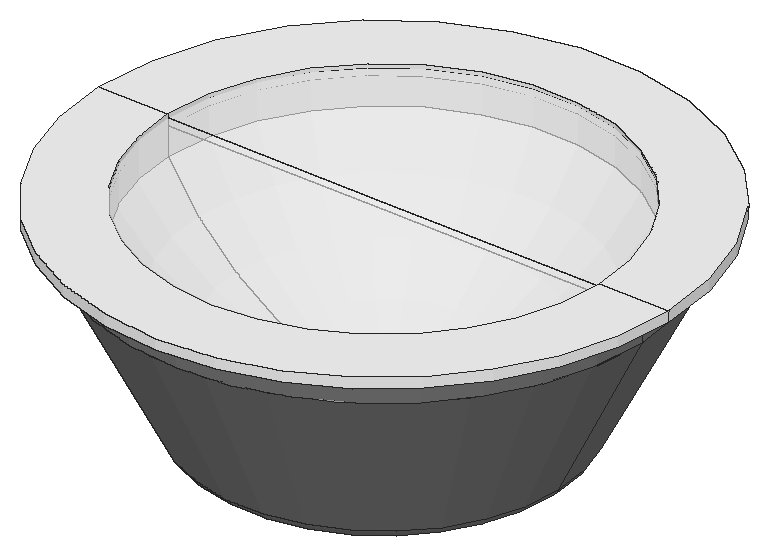
Revit family "30538", category Lighting Fixtures, host Face, Revit 2018
Family settings
  Host = Face
  Round Connector Dimension = Use Diameter
  Part Type = Normal
  OmniClass Number = 23.80.70.00
  OmniClass Title = Lighting
  Cut with Voids When Loaded = No
  Light Source = Yes
  Shared = No
  Room Calculation Point = No
Parameters (values of type "0030538 INSAVER SL U19 IP44 DALI 205 2350LM 830 ")
  WidthBezel_SYL = if(Size1_SYL, 20 mm, if(Size2_SYL, 20 mm, if(Size3PIR_SYL, 30 mm, if(Size4_SYL, 20 mm, 20 mm))))  # 20 mm
  Weight = "n/a"
  Wattage Comments = ""
  Wattage = 12 W
  WarrantyStartDate [instance] = "n/a"
  WarrantyGuarantorParts = "n/a"
  WarrantyDurationUnit = "n/a"
  WarrantyDurationParts = ""
  WarrantyDescription = "http://www.sylvania-lighting.com"
  built-in parameter 1150110 = 1 (stored number, unit not read)
  Voltage = 230 V
  VisibilityPIR_SYL = Size3PIR_SYL  # no
  URL = "0.94"
  TypeName = "Insaver Slim UGR19 IP44 DALI 205 2350lm 830"
  Type Image = <None>
  Type Comments = "n/a"
  built-in parameter 1114217 = 1 (stored number, unit not read)
  Tilt Angle = -90.00°
  built-in parameter 1150109 = 1 (stored number, unit not read)
  built-in parameter 1150134 = (empty or 0)
  built-in parameter 1150113 = 1 (stored number, unit not read)
  Size4_SYL = no
  Size3PIR_SYL = no
  Size2_SYL = no
  Size1_SYL = yes
  SerialNumber [instance] = "n/a"
  RadiusTop_SYL = 6 mm
  RadiusReflector_SYL = if(Size1_SYL, 85 mm, if(Size2_SYL, 85 mm, if(Size3PIR_SYL, 85 mm, if(Size4_SYL, 100 mm, 120 mm))))  # 85 mm
  Photometric Web File = "0030538.IES"
  Material_3_FEILO = Top-Sylvania-STARTDownlight
  PowerFactor = 0.9
  PowerConsumption = "Lighting"
  NominalLength = 165 mm
  NominalHeight = 50 mm
  NominalDepth = 165 mm
  Name = "Insaver Slim UGR19 IP44 DALI 205 2350lm 830"
  ModelReference = Name  # "Insaver Slim UGR19 IP44 DALI 205 2350lm 830"
  ModelNumber = "0030538"
  Model = Name  # "Insaver Slim UGR19 IP44 DALI 205 2350lm 830"
  Material = "Feilo Sylvania"
  ManufacturerName = "118 lm/W"
  Manufacturer = ""
  LuminousEfficacy = ""
  built-in parameter 1150105 = 31.446 (stored number, unit not read)
  Lumens = 395.16 lm
  LuminaireType = "0"
  built-in parameter 1150115 = 1 (stored number, unit not read)
  LightOutputRatio = "LED"
  built-in parameter 1150137 = (empty or 0)
  built-in parameter 1150139 = (empty or 0)
  LampsType = Lamp  # "n/a"
  LampNominalLuminous = "3000 K"
  LampMacAdamStep = "80"
  LampColourTemperature = "LED"
  LampColourRenderingIndex = "16500"
  built-in parameter 1150112 = 1 (stored number, unit not read)
  built-in parameter 1150114 = 1 (stored number, unit not read)
  Lamp = "n/a"
  Keynote = "n/a"
  InstallationDate [instance] = "n/a"
  InputVoltage = "0"
  InputNominalFrequency = "3000"
  built-in parameter 1150132 = (empty or 0)
  built-in parameter 1150102 = (empty or 0)
  built-in parameter 1150107 = 3000 (stored number, unit not read)
  built-in parameter 1150138 = (empty or 0)
  IngressProtection = "IfcLightFixtureType"
  ImpactProtectionIndex = "IfcLightFixtureType"
  built-in parameter 1150106 = 0.31446 (stored number, unit not read)
  IfcExportType = "IfcLightFixtureType"
  IfcExportAs = "Class II"
  Height_SYL = if(Size1_SYL, 61 mm, if(Size2_SYL, 61 mm, if(Size3PIR_SYL, 61 mm, if(Size4_SYL, 61 mm, 60 mm))))  # 61 mm
  HeightBezel_SYL = if(Size1_SYL, 3 mm, if(Size2_SYL, 3 mm, if(Size3PIR_SYL, 3 mm, if(Size4_SYL, 3.2 mm, 3 mm))))  # 3 mm
  ExpectedLife = 50000
  Emit from Circle Diameter = Diameter_SYL - 40 mm  # 125 mm
  Emit Shape Visible in Rendering = no
  ElectricShockClassification = "118"
  built-in parameter 1150104 = 3.0593 (stored number, unit not read)
  DurationUnit = "hours"
  DocumentationLiterature = "http://www.sylvania-lighting.com/product/en-int/products/0030538"
  DimmingControlOptions = "n/a"
  Material_2_FEILO = Diffuser-Sylvania-STARTDownlight
  Dimming Lamp Color Temperature Shift = <None>
  Diameter_SYL = if(Size1_SYL, 165 mm, if(Size2_SYL, 190 mm, if(Size3PIR_SYL, 211 mm, if(Size4_SYL, 220 mm, 240 mm))))  # 165 mm
  DiameterTop_SYL = if(Size1_SYL, 98 mm, if(Size2_SYL, 122 mm, if(Size3PIR_SYL, 120 mm, if(Size4_SYL, 135 mm, 158 mm))))  # 98 mm
  DiameterTopBase_SYL = DiameterRecess_SYL  # 150 mm
  DiameterRecess_SYL = if(Size1_SYL, 150 mm, if(Size2_SYL, 170 mm, if(Size3PIR_SYL, 186 mm, if(Size4_SYL, 200 mm, 225 mm))))  # 150 mm
  Description = "Insaver Slim is a ceiling recessed LED downlight (IP44 from the front),Die-cast aluminium body, loop in loop out connector for quick installation, Dimmable DALI driver of TRIDONIC (LCA 25W 350–1050mA one4all SR PRE 28000671), 20W; 2350lm; 118lm/W; 3000K; UGR <19 with shallow product depth 60mm. Meets TP(a) requirements."
  Default Elevation = 1219.2 mm
  CreatedOn = "05/03/2024"
  CreatedBy = "@sylvania-lighting.com"
  Cost = 0
  Color Filter = 16777215
  built-in parameter 1114216 [instance] = (empty or 0)
  ClassificationValue = "EF_70_80"
  ClassificationName = "Uniclass2015"
  Material_1_FEILO = Trim-Sylvania-STARTDownlight-White
  BarCode [instance] = "n/a"
  built-in parameter 1114218 = 1 (stored number, unit not read)
  built-in parameter 1150133 = 10 (stored number, unit not read)
  AssetType = "Fixed"
  AssetIdentifier [instance] = "n/a"
  Assembly Code = "D5020200"
  Apparent Load = 20 VA
  Material_4_FEILO = LED-Sylvania-STARTDownlight
Reference planes
  plane 1 "Center (Front/Back)": y = 0
  plane 2: z = 0
  plane 3 "Center (Left/Right)": x = 0
  plane 4: x = 82.5
  plane 5: x = -82.5
  plane 6: z = 3
  plane 7: z = -8
  plane 8: z = -58
  plane 9: x = -75
  plane 10: x = 75
  plane 11: x = -49
  plane 12: x = 49
  plane 13: z = -85
  plane 14: x = -62.5
  plane 15: z = 2
  plane 16: z = -46
  plane 17: x = -16
  plane 18: x = -67.5
  plane 19: x = -81.5
  plane 20: x = -99.5
  plane 21: x = -76.5
  plane 22: z = 5.5
  plane 23: z = 8.7
  plane 24: x = -75.5
  plane 25: z = 13.7
Forms (mm)
  Revolve 1, void
    sketch origin (0, 0, 0) x (1, 0, 0) y (0, 0, 1)
      loop
        line (0, 0) -> (-75, 0) -> (-75, -85) -> (0, -85) -> (0, 0)
      axis (0, 0) -> (0, -85)
    angle from 360 to 0
  Revolve 2, solid, material "Trim-Sylvania-STARTDownlight-White" <- "Material_1_FEILO"
    sketch origin (0, 0, 0) x (1, 0, 0) y (0, 0, 1)
      loop
        line (-62.5, 3) -> (-82.5, 3) -> (-82.5, 0) -> (-75, 0) -> (-75, -8) -> (-50.681, -54.768)
        arc (-50.681, -54.768) -> (-48.471, -57.129) -> (-45.357, -58) r 6
        line (-45.357, -58) -> (0, -58) -> (0, -46) -> (-16, -46)
        arc (-16, -46) -> (-42.718, -31.243) -> (-62.5, -8) r 85
        line (-62.5, -8) -> (-62.5, 3)
      axis (0, 3) -> (0, -58)
    angle from 360 to 0
  Revolve 3, solid, material "Diffuser-Sylvania-STARTDownlight" <- "Material_2_FEILO"
    sketch origin (0, 0, 0) x (1, 0, 0) y (0, 0, 1)
      loop
        line (-62.5, 0) -> (0, 0) -> (0, 2) -> (-62.5, 2) -> (-62.5, 0)
      axis (0, 2) -> (0, 0)
    angle from 360 to 0
  Revolve 4, solid, material "Trim-Sylvania-STARTDownlight-White" <- "Material_1_FEILO", visible <- "VisibilityPIR_SYL"
    sketch origin (0, 0, 0) x (1, 0, 0) y (0, 0, 1)
      loop
        line (-67.5, 3) -> (-67.5, 13.7)
        arc (-67.5, 13.7) -> (-72.217, 12.347) -> (-75.5, 8.7) r 8.9
        line (-75.5, 8.7) -> (-75.5, 5.5) -> (-76.5, 5.5) -> (-76.5, 3) -> (-67.5, 3)
      axis (-67.5, 13.7) -> (-67.5, 3)
    angle from 360 to 0
Dimensions and locks
  equal spacing: plane 4, plane 3 "Center (Left/Right)", plane 5
  "Diameter_SYL": plane 4 to plane 5
  equal spacing: plane 10, plane 3 "Center (Left/Right)", plane 9
  equal spacing: plane 12, plane 3 "Center (Left/Right)", plane 11
  "DiameterTop_SYL": plane 12 to plane 11
  "HeightBezel_SYL": plane 6 to plane 2
  "Height_SYL": plane 6 to plane 8
  locked: plane 2 to plane 7 at 8
  locked: plane 2 to plane 13 at 85
  "WidthBezel_SYL": plane 14 to plane 5
  locked: plane 6 to plane 15 at 1
  "DiameterRecess_SYL": plane 10 to plane 9
  locked: plane 3 "Center (Left/Right)" to plane 17 at 16
  locked: plane 16 to plane 8 at 12
  locked: plane 18 to plane 21 at 9
  locked: plane 22 to plane 6 at 2.5
  locked: plane 23 to plane 22 at 3.2
  locked: plane 18 to plane 24 at 8
  locked: plane 25 to plane 23 at 5
  locked: plane 25 to Revolve 4 sketch curve at 8.9
  locked: plane 18 to plane 5 at 15
  "RadiusReflector_SYL": radius of Revolve 2 sketch curve
  "RadiusTop_SYL": radius of Revolve 2 sketch curve
  aligned and locked: plane 2 to host face
  aligned and locked: level to host face
  aligned and locked: Revolve 1 sketch curve to plane 3 "Center (Left/Right)"
  aligned and locked: plane 3 "Center (Left/Right)" to Revolve 1 sketch curve
  aligned and locked: Revolve 1 sketch curve to plane 9
  aligned and locked: plane 13 to Revolve 1 sketch curve
  aligned and locked: plane 3 "Center (Left/Right)" to imposter light
  aligned and locked: imposter light to plane 15
  aligned and locked: imposter light to plane 1 "Center (Front/Back)"
  aligned and locked: Revolve 2 sketch curve to plane 3 "Center (Left/Right)"
  aligned and locked: Revolve 2 sketch curve to plane 6
  aligned and locked: Revolve 2 sketch curve to plane 5
  aligned and locked: Revolve 2 sketch curve to level
  aligned and locked: plane 7 to Revolve 2 sketch curve  (x2)
  aligned and locked: Revolve 2 sketch curve to plane 9
  aligned and locked: plane 8 to Revolve 2 sketch curve
  aligned and locked: Revolve 2 sketch curve to plane 14
  aligned and locked: plane 3 "Center (Left/Right)" to Revolve 2 sketch curve
  aligned and locked: Revolve 2 sketch curve to plane 16
  aligned and locked: Revolve 3 sketch curve to plane 3 "Center (Left/Right)"
  aligned and locked: Revolve 3 sketch curve to level
  aligned and locked: imposter light to Revolve 3 sketch curve  (x2)
  aligned and locked: Revolve 4 sketch curve to plane 18  (x2)
  aligned and locked: Revolve 4 sketch curve to plane 6
  aligned and locked: plane 22 to Revolve 4 sketch curve
  aligned and locked: plane 24 to Revolve 4 sketch curve
  aligned and locked: Revolve 4 sketch curve to Revolve 4 sketch curve
  aligned and locked: plane 21 to Revolve 4 sketch curve
Automatic sketch dimensions
  host sketch curve to host sketch curve = 2438.4 mm  (x2)
  plane 13 to Revolve 1 sketch curve = 524.6 mm
  Revolve 1 sketch curve to plane 6 = 2606.058 mm
  Revolve 1 sketch curve to level = 0 mm
  Revolve 2 sketch curve to plane 17 = 0 mm
  Revolve 2 sketch curve to plane 11 = 1.681 mm
  plane 11 to Revolve 2 sketch curve = 3.643 mm
  plane 13 to Revolve 2 sketch curve = 524.6 mm
  Revolve 2 sketch curve to Revolve 2 sketch curve = 2577.983 mm
  Revolve 3 sketch curve to plane 14 = 0 mm
  plane 13 to Revolve 3 sketch curve = 524.6 mm
  Revolve 3 sketch curve to plane 6 = 2606.058 mm
  Revolve 4 sketch curve to plane 23 = 0 mm
  plane 13 to Revolve 4 sketch curve = 524.6 mm
  Revolve 4 sketch curve to Revolve 4 sketch curve = 2595.358 mm
Connectors
  electrical at (0, 0, 0), driven by "Apparent Load", driven by "PowerFactor", driven by "Voltage"
    settings: index 1, voltage 230 V, apparent load 20 VA, apparent load phase1 0 VA, apparent load phase2 0 VA, apparent load phase3 0 VA, power factor 0.9, load classification "Lighting", number of poles 1, system type 30, power factor state 1, is connector primary yes, connector utility no, sub classification motor no, connector description ""
